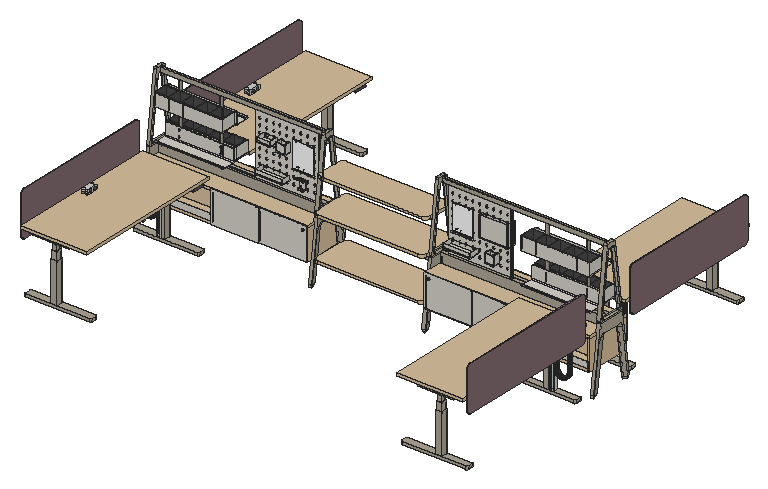
Revit family "Layout-Teknion-Expansion_Cityline_Upper_Structure_01-R2021", category Furniture Systems, Revit 2021 (continued)
Definition of nested family "Accessories-Teknion-JZTPS_Lift_And_Drop_Vertical_Poles-R2021"
  Types (6): name | Width | Model | Length 2 | Length 1 | Description | Datum Height | Beam Height | 3 Hole | 3 Accessories Height | 2 Hole | 2 Accessories Height
    Low Height, 56 Datum Height, Two-Accessories Height | 42.000" | "JZTPSL56__2" | 12.563" | 6.577" | "Lift And Drop Vertical Poles - Low Height (18\" Beam Height), 56 (35\") Datum Height, Two-Accessories Height" | 35.925" | 18.000" | 1.000" | no | 5.500" | yes
    Standard Height, 57 Datum Height, Two-Accessories Height | 24.000" | "JZTPSC57__2" | 10.563" | 3.825" | "Lift And Drop Vertical Poles - Standard Height (28\" Beam Height), 57 (26\") Datum Height, Two-Accessories Height" | 26.925" | 28.185" | 1.000" | no | 5.500" | yes
    Standard Height, 66 Datum Height, Two-Accessories Height | 42.000" | "JZTPSC66__2" | 12.563" | 6.577" | "Lift And Drop Vertical Poles - Standard Height (28\" Beam Height), 66 (35\") Datum Height, Two-Accessories Height" | 35.925" | 28.185" | 1.000" | no | 5.500" | yes
    Standard Height, 66 Datum Height, Three-Accessories Height | 42.000" | "JZTPSC66__3" | 12.563" | 6.577" | "Lift And Drop Vertical Poles - Standard Height (28\" Beam Height), 66 (35\") Datum Height, Three-Accessories Height" | 35.925" | 28.185" | 5.500" | yes | 1.000" | no
    Low Height, 56 Datum Height, Three-Accessories Height | 42.000" | "JZTPSL56__3" | 12.563" | 6.577" | "Lift And Drop Vertical Poles - Low Height (18\" Beam Height), 56 (35\") Datum Height, Three-Accessories Height" | 35.925" | 18.000" | 5.500" | yes | 1.000" | no
  Reference planes (in)
    plane 1 "Center Front/Back": y = 0
    plane 2: z = 0
    plane 3 "Center Left/Right": x = 21
    plane 4 "Left": x = 0
    plane 5 "Right": x = 42
    plane 6 "Back": y = 0.5
    plane 7 "Front": y = -0.5
    plane 8 "Top": z = 28.185
    plane 9: z = 64.11
  Forms (in)
    Sweep 1, solid, material <- "Pole Finish"
      path origin (0, 0, 0) x (1, 0, 0) y (0, 0, 1)
        loop
          line (21, 64.11) -> (21, 28.185)
      profile origin (21, 0, 46.1475) x (0, -1, 0) y (1, 0, 0)
        loop
          circle (0, -15) r 0.5
        loop
          circle (0, 15) r 0.5
    Sweep 2, void
      path origin (0, 0, 0) x (1, 0, 0) y (0, 1, 0)
        loop
          line (21, -2.75) -> (21, -1.75)
      profile origin (21, -2.25, 0) x (-1, 0, 0) y (0, 0, 1)
        loop
          arc (14.90748, 32.01177) -> (15, 31.91925) -> (15.09252, 32.01177) r 0.09252
          line (15.09252, 32.01177) -> (15.09252, 32.60232)
          arc (15.09252, 32.60232) -> (15, 32.69484) -> (14.90748, 32.60232) r 0.09252
          line (14.90748, 32.60232) -> (14.90748, 32.01177)
        loop
          arc (14.90748, 34.85823) -> (15, 34.76571) -> (15.09252, 34.85823) r 0.09252
          line (15.09252, 34.85823) -> (15.09252, 35.44878)
          arc (15.09252, 35.44878) -> (15, 35.5413) -> (14.90748, 35.44878) r 0.09252
          line (14.90748, 35.44878) -> (14.90748, 34.85823)
        loop
          arc (14.90748, 44.01177) -> (15, 43.91925) -> (15.09252, 44.01177) r 0.09252
          line (15.09252, 44.01177) -> (15.09252, 44.60232)
          arc (15.09252, 44.60232) -> (15, 44.69484) -> (14.90748, 44.60232) r 0.09252
          line (14.90748, 44.60232) -> (14.90748, 44.01177)
        loop
          arc (14.90748, 46.85823) -> (15, 46.76571) -> (15.09252, 46.85823) r 0.09252
          line (15.09252, 46.85823) -> (15.09252, 47.44878)
          arc (15.09252, 47.44878) -> (15, 47.5413) -> (14.90748, 47.44878) r 0.09252
          line (14.90748, 47.44878) -> (14.90748, 46.85823)
        loop
          arc (14.90748, 56.01177) -> (15, 55.91925) -> (15.09252, 56.01177) r 0.09252
          line (15.09252, 56.01177) -> (15.09252, 56.60232)
          arc (15.09252, 56.60232) -> (15, 56.69484) -> (14.90748, 56.60232) r 0.09252
          line (14.90748, 56.60232) -> (14.90748, 56.01177)
        loop
          arc (14.90748, 58.85823) -> (15, 58.76571) -> (15.09252, 58.85823) r 0.09252
          line (15.09252, 58.85823) -> (15.09252, 59.44878)
          arc (15.09252, 59.44878) -> (15, 59.5413) -> (14.90748, 59.44878) r 0.09252
          line (14.90748, 59.44878) -> (14.90748, 58.85823)
        loop
          line (-14.90748, 32.01177) -> (-14.90748, 32.60232)
          arc (-14.90748, 32.60232) -> (-15, 32.69484) -> (-15.09252, 32.60232) r 0.09252
          line (-15.09252, 32.60232) -> (-15.09252, 32.01177)
          arc (-15.09252, 32.01177) -> (-15, 31.91925) -> (-14.90748, 32.01177) r 0.09252
        loop
          line (-14.90748, 34.85823) -> (-14.90748, 35.44878)
          arc (-14.90748, 35.44878) -> (-15, 35.5413) -> (-15.09252, 35.44878) r 0.09252
          line (-15.09252, 35.44878) -> (-15.09252, 34.85823)
          arc (-15.09252, 34.85823) -> (-15, 34.76571) -> (-14.90748, 34.85823) r 0.09252
        loop
          line (-14.90748, 44.01177) -> (-14.90748, 44.60232)
          arc (-14.90748, 44.60232) -> (-15, 44.69484) -> (-15.09252, 44.60232) r 0.09252
          line (-15.09252, 44.60232) -> (-15.09252, 44.01177)
          arc (-15.09252, 44.01177) -> (-15, 43.91925) -> (-14.90748, 44.01177) r 0.09252
        loop
          line (-14.90748, 46.85823) -> (-14.90748, 47.44878)
          arc (-14.90748, 47.44878) -> (-15, 47.5413) -> (-15.09252, 47.44878) r 0.09252
          line (-15.09252, 47.44878) -> (-15.09252, 46.85823)
          arc (-15.09252, 46.85823) -> (-15, 46.76571) -> (-14.90748, 46.85823) r 0.09252
        loop
          line (-14.90748, 56.01177) -> (-14.90748, 56.60232)
          arc (-14.90748, 56.60232) -> (-15, 56.69484) -> (-15.09252, 56.60232) r 0.09252
          line (-15.09252, 56.60232) -> (-15.09252, 56.01177)
          arc (-15.09252, 56.01177) -> (-15, 55.91925) -> (-14.90748, 56.01177) r 0.09252
        loop
          line (-14.90748, 58.85823) -> (-14.90748, 59.44878)
          arc (-14.90748, 59.44878) -> (-15, 59.5413) -> (-15.09252, 59.44878) r 0.09252
          line (-15.09252, 59.44878) -> (-15.09252, 58.85823)
          arc (-15.09252, 58.85823) -> (-15, 58.76571) -> (-14.90748, 58.85823) r 0.09252
    Sweep 3, void
      path origin (0, 0, 0) x (1, 0, 0) y (0, 1, 0)
        loop
          line (21, 3.5) -> (21, -2)
      profile origin (21, 0.75, 0) x (1, 0, 0) y (0, 0, 1)
        loop
          arc (-14.9076, 35.35469) -> (-15.00011, 35.4472) -> (-15.09263, 35.35469) r 0.09251
          line (-15.09263, 35.35469) -> (-15.09263, 34.762)
          arc (-15.09263, 34.762) -> (-15.00011, 34.66949) -> (-14.9076, 34.762) r 0.09251
          line (-14.9076, 34.762) -> (-14.9076, 35.35469)
        loop
          arc (-14.9076, 38.20114) -> (-15.00011, 38.29366) -> (-15.09263, 38.20114) r 0.09251
          line (-15.09263, 38.20114) -> (-15.09263, 37.60846)
          arc (-15.09263, 37.60846) -> (-15.00011, 37.51594) -> (-14.9076, 37.60846) r 0.09251
          line (-14.9076, 37.60846) -> (-14.9076, 38.20114)
        loop
          arc (-14.9076, 51.35683) -> (-15.00011, 51.44934) -> (-15.09263, 51.35683) r 0.09251
          line (-15.09263, 51.35683) -> (-15.09263, 50.76414)
          arc (-15.09263, 50.76414) -> (-15.00011, 50.67163) -> (-14.9076, 50.76414) r 0.09251
          line (-14.9076, 50.76414) -> (-14.9076, 51.35683)
        loop
          arc (-14.9076, 54.20329) -> (-15.00011, 54.2958) -> (-15.09263, 54.20329) r 0.09251
          line (-15.09263, 54.20329) -> (-15.09263, 53.6106)
          arc (-15.09263, 53.6106) -> (-15.00011, 53.51809) -> (-14.9076, 53.6106) r 0.09251
          line (-14.9076, 53.6106) -> (-14.9076, 54.20329)
        loop
          line (14.9076, 35.35469) -> (14.9076, 34.762)
          arc (14.9076, 34.762) -> (15.00011, 34.66949) -> (15.09263, 34.762) r 0.09251
          line (15.09263, 34.762) -> (15.09263, 35.35469)
          arc (15.09263, 35.35469) -> (15.00011, 35.4472) -> (14.9076, 35.35469) r 0.09251
        loop
          line (14.9076, 38.20114) -> (14.9076, 37.60846)
          arc (14.9076, 37.60846) -> (15.00011, 37.51594) -> (15.09263, 37.60846) r 0.09251
          line (15.09263, 37.60846) -> (15.09263, 38.20114)
          arc (15.09263, 38.20114) -> (15.00011, 38.29366) -> (14.9076, 38.20114) r 0.09251
        loop
          line (14.9076, 51.35683) -> (14.9076, 50.76414)
          arc (14.9076, 50.76414) -> (15.00011, 50.67163) -> (15.09263, 50.76414) r 0.09251
          line (15.09263, 50.76414) -> (15.09263, 51.35683)
          arc (15.09263, 51.35683) -> (15.00011, 51.44934) -> (14.9076, 51.35683) r 0.09251
        loop
          line (14.9076, 54.20329) -> (14.9076, 53.6106)
          arc (14.9076, 53.6106) -> (15.00011, 53.51809) -> (15.09263, 53.6106) r 0.09251
          line (15.09263, 53.6106) -> (15.09263, 54.20329)
          arc (15.09263, 54.20329) -> (15.00011, 54.2958) -> (14.9076, 54.20329) r 0.09251
  Cuts and joins
    Sweep 2, Sweep 3 cuts Sweep 1
  Lines and regions (in)
    Masking region 1
      outline origin (0, 0, 0) x (1, 0, 0) y (0, 1, 0)
        loop
          circle (6, 0) r 0.5
        loop
          circle (36, 0) r 0.5
    reference lines
      curve 1: line (0, 0.5, 0) -> (0, -0.5, 0)
      curve 2: line (0, -0.5, 0) -> (42, -0.5, 0)
      curve 3: line (42, -0.5, 0) -> (42, 0.5, 0)
      curve 4: line (42, 0.5, 0) -> (0, 0.5, 0)
    symbolic lines, detail levels fine
      curve 5: line (36.09265, 0.49134, 0) -> (36.09261, -0.49134, 0)
      curve 6: line (35.90758, 0.49139, 0) -> (35.90756, -0.49139, 0)
      curve 7: line (6.09236, 0.49139, 0) -> (6.09238, -0.49139, 0)
      curve 8: line (5.90735, 0.49134, 0) -> (5.90733, -0.49135, 0)
  Dimensions and locks (in)
    "Width": plane 4 "Left" to plane 5 "Right"
    locked: plane 6 "Back" to plane 7 "Front" at 1
    "Beam Height": plane 8 "Top" to level
    equal spacing: plane 4 "Left", plane 3 "Center Left/Right", plane 5 "Right"
    equal spacing: plane 6 "Back", plane 1 "Center Front/Back", plane 7 "Front"
    "Datum Height": plane 9 to plane 8 "Top"
    locked: plane 4 "Left" to Sweep 1 sketch curve at 6
    locked: Sweep 1 sketch curve to plane 5 "Right" at 6
    locked: Sweep 2 sketch curve to plane 1 "Center Front/Back" at 2.75
    "3 Hole": Sweep 2 sketch curve to Sweep 2 sketch curve
    Sweep 2 sketch curve to Sweep 2 sketch curve to Sweep 2 sketch curve to Sweep 2 sketch curve to Sweep 2 sketch curve to Sweep 2 sketch curve to Sweep 2 sketch curve to Sweep 2 sketch curve to Sweep 2 sketch curve to Sweep 2 sketch curve to Sweep 2 sketch curve to Sweep 2 sketch curve to plane 8 "Top" = 0.59055" locked, 2.25591" locked, 0.59055" locked, 8.56299" locked, 0.59055" locked, 2.25591" locked, 0.59055" locked, 8.56299" locked, 0.59055" locked, 2.25591" locked, 0.59055" locked, 3.82677" locked  (x2)
    Sweep 2 sketch curve to Sweep 2 sketch curve to plane 4 "Left" = 0.18504" locked, 5.90748" locked
    Sweep 2 sketch curve to Sweep 2 sketch curve to plane 5 "Right" = 0.18504" locked, 5.90748" locked
    locked: Sweep 3 sketch curve to plane 1 "Center Front/Back" at 2
    "2 Hole": Sweep 3 sketch curve to Sweep 3 sketch curve
    Sweep 3 sketch curve to Sweep 3 sketch curve to plane 4 "Left" = 0.18503" locked, 5.90737" locked
    Sweep 3 sketch curve to Sweep 3 sketch curve to plane 5 "Right" = 0.18503" locked, 5.90737" locked
    "Length 1": Sweep 3 sketch curve to plane 8 "Top"  (x2)
    Sweep 3 sketch curve to Sweep 3 sketch curve to Sweep 3 sketch curve to Sweep 3 sketch curve = 0.59269" locked, 2.25377" locked, 0.59269" locked  (x4)
    "Length 2": Sweep 3 sketch curve to Sweep 3 sketch curve  (x2)
    "Circle Radial": radius of Sweep 1 sketch curve  (x2)
    aligned and locked: level to plane 2
    aligned and locked: curve 1 to plane 4 "Left"
    aligned and locked: plane 6 "Back" to curve 4
    aligned and locked: plane 7 "Front" to curve 2
    aligned and locked: curve 3 to plane 5 "Right"
    aligned and locked: Sweep 1 sketch curve to plane 3 "Center Left/Right"
    aligned and locked: plane 8 "Top" to Sweep 1 sketch curve
    aligned and locked: plane 9 to Sweep 1 sketch curve
    aligned and locked: plane 1 "Center Front/Back" to Sweep 1 sketch curve  (x2)
    aligned and locked: Sweep 2 sketch curve to plane 3 "Center Left/Right"
    aligned and locked: Sweep 2 sketch curve to Sweep 2 sketch curve  (x20)
    aligned and locked: Sweep 3 sketch curve to plane 3 "Center Left/Right"
    aligned and locked: Sweep 3 sketch curve to Sweep 3 sketch curve  (x12)
    aligned and locked: nested 1 to plane 4 "Left"
    aligned and locked: nested 1 to plane 1 "Center Front/Back"
    aligned and locked: plane 1 "Center Front/Back" to nested 2
    aligned and locked: nested 2 to plane 3 "Center Left/Right"
    aligned and locked: plane 1 "Center Front/Back" to nested 3
    aligned and locked: nested 3 to plane 5 "Right"
    aligned and locked: Masking region 1 sketch curve to cut or joined group of Sweep 1, Sweep 2, Sweep 3  (x4)
  Automatic sketch dimensions
    curve 1 to plane 7 "Front" = 0.000"
    Masking region 1 sketch curve to Masking region 1 sketch curve = 0.000"  (x4)
    curve 6 to plane 7 "Front" = 0.00861"
    curve 7 to plane 7 "Front" = 0.00861"
    curve 7 to plane 6 "Back" = 0.00861"
    curve 7 to curve 7 = 0.00002"
    curve 8 to plane 6 "Back" = 0.00866"
    curve 8 to curve 7 = 0.18501"
    curve 8 to plane 7 "Front" = 0.00865"
    curve 6 to plane 6 "Back" = 0.00861"
    curve 6 to curve 6 = 0.00002"
    curve 5 to plane 7 "Front" = 0.00866"
    curve 5 to plane 6 "Back" = 0.00866"
    curve 6 to curve 5 = 0.18507"
    plane 4 "Left" to curve 8 = 5.90733"
    curve 8 to curve 8 = 0.00002"
    plane 5 "Right" to curve 6 = 6.09244"
    curve 6 to curve 5 = 0.18505"
  Nested families (in)
    nested 1: "Teknion_2D_Node_Family-R2016" at (0, 0, 0), type "Teknion_2D_Node_Family-R2016"
    nested 2: "Teknion_2D_Node_Family-R2016" at (21, 0, 0), type "Teknion_2D_Node_Family-R2016"
    nested 3: "Teknion_2D_Node_Family-R2016" at (42, 0, 0), type "Teknion_2D_Node_Family-R2016"
  Definition of nested family "Teknion_2D_Node_Family-R2016"
    Reference planes (in)
      plane 1 "Center (Front/Back)": y = 0
      plane 2: z = 0
      plane 3 "Center (Left/Right)": x = 0
    Lines and regions (in)
      detail lines, in view "Ref. Level"
        curve 1: circle (0, 0, 0) r 1.25 normal (0, 0, 1)
        curve 2: line (1.91508, -1.91508, 0) -> (-1.91508, 1.91508, 0)
        curve 3: line (-1.91508, -1.91508, 0) -> (1.91508, 1.91508, 0)
Definition of nested family "Accessories-Teknion-JZTPA_P_Accessories_Lift_And_Drop_Vertical_Pole_Mounted_Planter-R2021"
  Parameters (values of type "42" Width")
    Width = 42.000"
    Warranty = "http://www.teknion.com/ca/papers/legal-canada"
    Unit Weight URL = "http://www.teknion.com/ca/tools/assets#&asset=bee6a381-b954-425e-8283-5a2de3a804f2,f828d448-4b62-4231-9e5f-9a8991c0ed77"
    URL = "www.teknion.com"
    To render please download texture images found here [instance] = "https://assets.teknion.com/web/5e81352c1dfdb467/revit-material-swatches/"
    Sustainability Data = "https://www.teknion.com/ca/tools/assets#&topic=216f99a5-57a0-44fc-b10a-9dee9b29ae4c&asset=444deb64-fe58-4b68-981e-f75e97781df7,b4ff2d81-9f2e-437d-9659-7cffb09c31cf"
    Series = "Expansion Cityline"  # constant formula
    Product Page URL = "https://www.teknion.com/ca/products/product-details?productLineId=9ad2a26e-8e7a-673b-a6c8-ff05004460c4"
    Product Line = "EZ Lift & Drop Tiles And Shelves"  # constant formula
    Product Documentation Link = "https://www.teknion.com/pricing/expansion-cityline/pdfs/JZTPA_ppg.pdf"
    Part Number = "JZTPA"  # constant formula
    Model = "JZTPA42P"
    Manufacturer Phone = "416-661-3370"  # constant formula
    Manufacturer Fax = "416.661.4586"  # constant formula
    Manufacturer Contact Information = "http://www.teknion.com/ca/contactus"
    Manufacturer Address = "1150 Flint Road, Toronto, ON. M3J 2J5. Canada"  # constant formula
    Manufacturer = "Teknion"  # constant formula
    How To Use Teknion Materials User Guide [instance] = "https://assets.teknion.com/m/205dd0a49fa58060/original/How-to-add-a-Material-Library-and-Texture-Images-to-your-Revit-project.pdf"
    For Additional Finishes please visit [instance] = "https://assets.teknion.com/m/44a8009b046e5d47/original/Teknion_Materials_Library.zip"
    Description = "Accessories - Lift And Drop Vertical Pole Mounted - 42\" Width, Planter Box"
    Default Elevation = 0.000"
    Cut-Out 7 Planter = if([7 Planter], 10.000", 0.300")  # 10.000"
    Cut-Out 6 Planter = if([6 Planter], 9.500", 0.300")  # 0.300"
    Cut-Out 5 Planter = if([5 Planter], 9.000", 0.300")  # 0.300"
    Cut-Out 4 Planter = if([4 Planter], 8.500", 0.300")  # 0.300"
    Case Finish [instance] = none
    Assembly Code = "E2020200"
    7 Planter = yes
    6 Planter = no
    5 Planter = no
    4 Planter = no
    2D - 3 Middle Planter = yes
    2D - 2 Middle Planter = no
  Types (5): name | Width | Model | Description | Cut-Out 7 Planter | Cut-Out 6 Planter | Cut-Out 5 Planter | Cut-Out 4 Planter | 7 Planter | 6 Planter | 5 Planter | 4 Planter | 2D - 3 Middle Planter | 2D - 2 Middle Planter
    (no name) | 42.000" | "JZTPA42P" | "Accessories - Lift And Drop Vertical Pole Mounted - 42\" Width, Planter Box" | 10.000" | 0.300" | 0.300" | 0.300" | yes | no | no | no | yes | no
    42" Width | 42.000" | "JZTPA42P" | "Accessories - Lift And Drop Vertical Pole Mounted - 42\" Width, Planter Box" | 10.000" | 0.300" | 0.300" | 0.300" | yes | no | no | no | yes | no
    36" Width | 36.000" | "JZTPA36P" | "Accessories - Lift And Drop Vertical Pole Mounted - 36\" Width, Planter Box" | 0.300" | 9.500" | 0.300" | 0.300" | no | yes | no | no | no | yes
    30" Width | 30.000" | "JZTPA30P" | "Accessories - Lift And Drop Vertical Pole Mounted - 30\" Width, Planter Box" | 0.300" | 0.300" | 9.000" | 0.300" | no | no | yes | no | yes | no
    24" Width | 24.000" | "JZTPA24P" | "Accessories - Lift And Drop Vertical Pole Mounted - 24\" Width, Planter Box" | 0.300" | 0.300" | 0.300" | 8.500" | no | no | no | yes | no | yes
  Reference planes (in)
    plane 1 "Center Front/Back": y = -3.42717
    plane 2: z = 0
    plane 3 "Center Left/Right": x = 0
    plane 4 "Left": x = -21
    plane 5 "Right": x = 21
    plane 6 "Back": y = -0.1063
    plane 7 "Front": y = -6.74803
    plane 8 "Top": z = 36.63189
    plane 9: z = 30.93504
  Forms (in)
    Sweep 1, solid, material <- "Case Finish"
      path origin (0, 0, 0) x (1, 0, 0) y (0, 1, 0)
        loop
          line (0, -0.68898) -> (0, -0.5)
      profile origin (0, -0.59449, 0) x (-1, 0, 0) y (0, 0, 1)
        loop
          line (-15.02953, 34.77059) -> (-15.02953, 32.69004) -> (-14.97047, 32.69004) -> (-14.97047, 34.77059) -> (-15.02953, 34.77059)
        loop
          line (14.97047, 34.77059) -> (14.97047, 32.69004) -> (15.02953, 32.69004) -> (15.02953, 34.77059) -> (14.97047, 34.77059)
    Sweep 2, solid, material <- "Case Finish"
      path origin (0, 0, 0) x (1, 0, 0) y (0, 1, 0)
        loop
          line (0, -0.1063) -> (0, -0.68898)
      profile origin (0, -0.39764, 0) x (1, 0, 0) y (0, 0, 1)
        loop
          arc (-14.90748, 35.44882) -> (-15, 35.54134) -> (-15.09252, 35.44882) r 0.09252
          line (-15.09252, 35.44882) -> (-15.09252, 34.85827)
          arc (-15.09252, 34.85827) -> (-15, 34.76575) -> (-14.90748, 34.85827) r 0.09252
          line (-14.90748, 34.85827) -> (-14.90748, 35.44882)
        loop
          arc (15.09252, 35.44882) -> (15, 35.54134) -> (14.90748, 35.44882) r 0.09252
          line (14.90748, 35.44882) -> (14.90748, 34.85827)
          arc (14.90748, 34.85827) -> (15, 34.76575) -> (15.09252, 34.85827) r 0.09252
          line (15.09252, 34.85827) -> (15.09252, 35.44882)
        loop
          arc (15.09252, 32.60236) -> (15, 32.69488) -> (14.90748, 32.60236) r 0.09252
          line (14.90748, 32.60236) -> (14.90748, 32.01181)
          arc (14.90748, 32.01181) -> (15, 31.91929) -> (15.09252, 32.01181) r 0.09252
          line (15.09252, 32.01181) -> (15.09252, 32.60236)
        loop
          arc (-14.90748, 32.60236) -> (-15, 32.69488) -> (-15.09252, 32.60236) r 0.09252
          line (-15.09252, 32.60236) -> (-15.09252, 32.01181)
          arc (-15.09252, 32.01181) -> (-15, 31.91929) -> (-14.90748, 32.01181) r 0.09252
          line (-14.90748, 32.01181) -> (-14.90748, 32.60236)
    Sweep 3, solid, material <- "Case Finish"
      path origin (0, 0, 0) x (1, 0, 0) y (0, 1, 0)
        loop
          line (0, -0.68898) -> (0, -6.74112)
      profile origin (0, -3.71505, 0) x (1, 0, 0) y (0, 0, 1)
        loop
          line (21, 31.37598) -> (21, 36.57283) -> (-21, 36.57283) -> (-21, 31.37598)
          arc (-21, 31.37598) -> (-20.87085, 31.06419) -> (-20.55906, 30.93504) r 0.44094
          line (-20.55906, 30.93504) -> (20.55906, 30.93504)
          arc (20.55906, 30.93504) -> (20.87085, 31.06419) -> (21, 31.37598) r 0.44094
    Sweep 4, void
      path origin (0, 0, 0) x (1, 0, 0) y (0, 1, 0)
        loop
          line (0, -0.73622) -> (0, -6.64173)
      profile origin (0, -3.68898, 0) x (1, 0, 0) y (0, 0, 1)
        loop
          arc (-20.95276, 31.37598) -> (-20.83744, 31.0976) -> (-20.55906, 30.98228) r 0.3937
          line (-20.55906, 30.98228) -> (20.55906, 30.98228)
          arc (20.55906, 30.98228) -> (20.83744, 31.0976) -> (20.95276, 31.37598) r 0.3937
          line (20.95276, 31.37598) -> (20.95276, 36.63189) -> (-20.95276, 36.63189) -> (-20.95276, 31.37598)
    Sweep 5, void
      path origin (0, 0, 0) x (1, 0, 0) y (0, 1, 0)
        loop
          line (21, -3.42717) -> (-21, -3.42717)
      profile origin (0, -3.42717, 0) x (0, -1, 0) y (0, 0, 1)
        loop
          line (3.21457, 36.50392) -> (3.21457, 36.37598) -> (3.33649, 36.37598) -> (3.33649, 36.63189) -> (3.06496, 36.63189) -> (3.06496, 36.57283)
          arc (3.06496, 36.57283) -> (3.14732, 36.55478) -> (3.21457, 36.50392) r 0.19685
    Sweep 6, solid
      path origin (0, 0, 0) x (1, 0, 0) y (0, 1, 0)
        loop
          line (0, -6.64173) -> (0, -0.73622)
      profile origin (0, -3.68898, 0) x (-1, 0, 0) y (0, 0, 1)
        loop
          line (-20.95276, 36.57283) -> (-20.95276, 31.37598)
          arc (-20.95276, 31.37598) -> (-20.83744, 31.0976) -> (-20.55906, 30.98228) r 0.3937
          line (-20.55906, 30.98228) -> (20.55906, 30.98228)
          arc (20.55906, 30.98228) -> (20.83744, 31.0976) -> (20.95276, 31.37598) r 0.3937
          line (20.95276, 31.37598) -> (20.95276, 36.57283) -> (-20.95276, 36.57283)
    Sweep 7, void
      path origin (0, 0, 0) x (1, 0, 0) y (0, 1, 0)
        loop
          line (21, -3.42717) -> (-21, -3.42717)
      profile origin (0, -3.42717, 0) x (0, -1, 0) y (0, 0, 1)
        loop
          line (3.26181, 36.37598) -> (3.32087, 36.37598) -> (3.32087, 36.63189) -> (3.06496, 36.63189) -> (3.06496, 36.57283)
          arc (3.06496, 36.57283) -> (3.20415, 36.51518) -> (3.26181, 36.37598) r 0.19685
    Sweep 8, solid
      path origin (0, 0, 0) x (1, 0, 0) y (0, 1, 0)
        loop
          line (21, -3.42717) -> (-21, -3.42717)
      profile origin (0, -3.42717, 0) x (0, -1, 0) y (0, 0, 1)
        loop
          line (3.26181, 36.37598) -> (3.32087, 36.37598)
          arc (3.32087, 36.37598) -> (3.24591, 36.55694) -> (3.06496, 36.63189) r 0.25591
          line (3.06496, 36.63189) -> (-2.73819, 36.63189) -> (-2.73819, 36.57283) -> (3.06496, 36.57283)
          arc (3.06496, 36.57283) -> (3.20415, 36.51518) -> (3.26181, 36.37598) r 0.19685
    Sweep 9, void
      path origin (0, 0, 0) x (1, 0, 0) y (0, 1, 0)
        loop
          line (0, -0.88583) -> (0, -6.74803)
      profile origin (0, -3.81693, 0) x (1, 0, 0) y (0, 0, 1)
        loop
          line (15.19685, 36.43504) -> (20.80315, 36.43504) -> (20.80315, 36.63189) -> (15.19685, 36.63189) -> (15.19685, 36.43504)
        loop
          line (-20.80315, 36.43504) -> (-15.19685, 36.43504) -> (-15.19685, 36.63189) -> (-20.80315, 36.63189) -> (-20.80315, 36.43504)
    Sweep 10, solid
      path origin (0, 0, 0) x (1, 0, 0) y (0, 1, 0)
        loop
          line (20.95276, -3.42717) -> (-20.95276, -3.42717)
      profile origin (0, -3.42717, 0) x (0, -1, 0) y (0, 0, 1)
        loop
          line (3.21457, 36.37598) -> (3.26181, 36.37598)
          arc (3.26181, 36.37598) -> (3.24962, 36.44418) -> (3.21457, 36.50392) r 0.19685
          line (3.21457, 36.50392) -> (3.21457, 36.37598)
    Sweep 11, void
      path origin (0, 0, 0) x (1, 0, 0) y (0, 1, 0)
        loop
          line (0, -0.88583) -> (0, -6.44488)
      profile origin (0, -3.66535, 0) x (1, 0, 0) y (0, 0, 1)
        loop
          line (20.80315, 31.37598) -> (20.80315, 36.63189) -> (15.19685, 36.63189) -> (15.19685, 31.13189) -> (20.55906, 31.13189)
          arc (20.55906, 31.13189) -> (20.73166, 31.20338) -> (20.80315, 31.37598) r 0.24409
        loop
          arc (-20.80315, 31.37598) -> (-20.73166, 31.20338) -> (-20.55906, 31.13189) r 0.24409
          line (-20.55906, 31.13189) -> (-15.19685, 31.13189) -> (-15.19685, 36.63189) -> (-20.80315, 36.63189) -> (-20.80315, 31.37598)
    Sweep 12, void
      path origin (0, -3.42717, 0) x (1, 0, 0) y (0, 0, 1)
        loop
          line (0, 41.13189) -> (0, 31.13189)
      profile origin (0, -3.42717, 36.13189) x (0, -1, 0) y (1, 0, 0)
        loop
          line (-2.54134, -14.80315) -> (3.01772, -14.80315) -> (3.01772, -9.19685) -> (-2.54134, -9.19685) -> (-2.54134, -14.80315)
        loop
          line (-2.54134, -8.80315) -> (3.01772, -8.80315) -> (3.01772, -3.19685) -> (-2.54134, -3.19685) -> (-2.54134, -8.80315)
        loop
          line (-2.54134, -2.80315) -> (3.01772, -2.80315) -> (3.01772, 2.80315) -> (-2.54134, 2.80315) -> (-2.54134, -2.80315)
        loop
          line (-2.54134, 3.19685) -> (3.01772, 3.19685) -> (3.01772, 8.80315) -> (-2.54134, 8.80315) -> (-2.54134, 3.19685)
        loop
          line (-2.54134, 9.19685) -> (3.01772, 9.19685) -> (3.01772, 14.80315) -> (-2.54134, 14.80315) -> (-2.54134, 9.19685)
    Sweep 13, void
      path origin (0, 0, 0) x (1, 0, 0) y (0, 1, 0)
        loop
          line (0, -11.24803) -> (0, -1.24803)
      profile origin (0, -6.24803, 0) x (-1, 0, 0) y (0, 0, 1)
        loop
          line (-14.80315, 36.43504) -> (-9.19685, 36.43504) -> (-9.19685, 36.63189) -> (-14.80315, 36.63189) -> (-14.80315, 36.43504)
        loop
          line (14.80315, 36.43504) -> (14.80315, 36.63189) -> (9.19685, 36.63189) -> (9.19685, 36.43504) -> (14.80315, 36.43504)
        loop
          line (8.80315, 36.43504) -> (8.80315, 36.63189) -> (3.19685, 36.63189) -> (3.19685, 36.43504) -> (8.80315, 36.43504)
        loop
          line (2.80315, 36.43504) -> (2.80315, 36.63189) -> (-2.80315, 36.63189) -> (-2.80315, 36.43504) -> (2.80315, 36.43504)
        loop
          line (-3.19685, 36.43504) -> (-3.19685, 36.63189) -> (-8.80315, 36.63189) -> (-8.80315, 36.43504) -> (-3.19685, 36.43504)
    Sweep 14, void
      path origin (0, -3.42717, 0) x (1, 0, 0) y (0, 0, 1)
        loop
          line (0, 40.63189) -> (0, 40.33189)
      profile origin (0, -3.42717, 40.48189) x (0, -1, 0) y (1, 0, 0)
        loop
          line (-2.54134, -11.80315) -> (3.01772, -11.80315) -> (3.01772, -6.19685) -> (-2.54134, -6.19685) -> (-2.54134, -11.80315)
        loop
          line (-2.54134, -5.80315) -> (3.01772, -5.80315) -> (3.01772, -0.19685) -> (-2.54134, -0.19685) -> (-2.54134, -5.80315)
        loop
          line (-2.54134, 0.19685) -> (3.01772, 0.19685) -> (3.01772, 5.80315) -> (-2.54134, 5.80315) -> (-2.54134, 0.19685)
        loop
          line (-2.54134, 6.19685) -> (3.01772, 6.19685) -> (3.01772, 11.80315) -> (-2.54134, 11.80315) -> (-2.54134, 6.19685)
    Sweep 15, void
      path origin (0, 0, 0) x (1, 0, 0) y (0, 1, 0)
        loop
          line (0, -10.44803) -> (0, -10.74803)
      profile origin (0, -10.59803, 0) x (1, 0, 0) y (0, 0, 1)
        loop
          line (-11.80315, 36.63189) -> (-11.80315, 36.43504) -> (-6.19685, 36.43504) -> (-6.19685, 36.63189) -> (-11.80315, 36.63189)
        loop
          line (-5.80315, 36.63189) -> (-5.80315, 36.43504) -> (-0.19685, 36.43504) -> (-0.19685, 36.63189) -> (-5.80315, 36.63189)
        loop
          line (0.19685, 36.63189) -> (0.19685, 36.43504) -> (5.80315, 36.43504) -> (5.80315, 36.63189) -> (0.19685, 36.63189)
        loop
          line (6.19685, 36.63189) -> (6.19685, 36.43504) -> (11.80315, 36.43504) -> (11.80315, 36.63189) -> (6.19685, 36.63189)
    Sweep 16, void
      path origin (0, -3.42717, 0) x (1, 0, 0) y (0, 0, 1)
        loop
          line (0, 40.13189) -> (0, 39.83189)
      profile origin (0, -3.42717, 39.98189) x (0, -1, 0) y (1, 0, 0)
        loop
          line (3.01772, -8.80315) -> (3.01772, -3.19685) -> (-2.54134, -3.19685) -> (-2.54134, -8.80315) -> (3.01772, -8.80315)
        loop
          line (3.01772, -2.80315) -> (3.01772, 2.80315) -> (-2.54134, 2.80315) -> (-2.54134, -2.80315) -> (3.01772, -2.80315)
        loop
          line (3.01772, 3.19685) -> (3.01772, 8.80315) -> (-2.54134, 8.80315) -> (-2.54134, 3.19685) -> (3.01772, 3.19685)
    Sweep 17, void
      path origin (0, 0, 0) x (1, 0, 0) y (0, 1, 0)
        loop
          line (0, -10.24803) -> (0, -9.94803)
      profile origin (0, -10.09803, 0) x (-1, 0, 0) y (0, 0, 1)
        loop
          line (8.80315, 36.43504) -> (8.80315, 36.63189) -> (3.19685, 36.63189) -> (3.19685, 36.43504) -> (8.80315, 36.43504)
        loop
          line (2.80315, 36.43504) -> (2.80315, 36.63189) -> (-2.80315, 36.63189) -> (-2.80315, 36.43504) -> (2.80315, 36.43504)
        loop
          line (-3.19685, 36.43504) -> (-3.19685, 36.63189) -> (-8.80315, 36.63189) -> (-8.80315, 36.43504) -> (-3.19685, 36.43504)
    Sweep 18, void
      path origin (0, -3.42717, 0) x (1, 0, 0) y (0, 0, 1)
        loop
          line (0, 39.63189) -> (0, 39.33189)
      profile origin (0, -3.42717, 39.48189) x (0, -1, 0) y (1, 0, 0)
        loop
          line (3.01772, -5.80315) -> (3.01772, -0.19685) -> (-2.54134, -0.19685) -> (-2.54134, -5.80315) -> (3.01772, -5.80315)
        loop
          line (3.01772, 0.19685) -> (3.01772, 5.80315) -> (-2.54134, 5.80315) -> (-2.54134, 0.19685) -> (3.01772, 0.19685)
    Sweep 19, void
      path origin (0, 0, 0) x (1, 0, 0) y (0, 1, 0)
        loop
          line (0, -9.74803) -> (0, -9.44803)
      profile origin (0, -9.59803, 0) x (-1, 0, 0) y (0, 0, 1)
        loop
          line (-0.19685, 36.43504) -> (-0.19685, 36.63189) -> (-5.80315, 36.63189) -> (-5.80315, 36.43504) -> (-0.19685, 36.43504)
        loop
          line (5.80315, 36.43504) -> (5.80315, 36.63189) -> (0.19685, 36.63189) -> (0.19685, 36.43504) -> (5.80315, 36.43504)
  Cuts and joins
    Sweep 4, Sweep 5 cuts Sweep 3
    joined: Sweep 1, Sweep 2, Sweep 3
    Sweep 7, Sweep 9, Sweep 11, Sweep 12, Sweep 13, Sweep 14, Sweep 15, Sweep 16, Sweep 17, Sweep 18, Sweep 19 cuts Sweep 6
    Sweep 9, Sweep 11, Sweep 12, Sweep 13, Sweep 14, Sweep 15, Sweep 16, Sweep 17, Sweep 18, Sweep 19 cuts Sweep 8
    Sweep 9, Sweep 11, Sweep 12, Sweep 13, Sweep 14, Sweep 15, Sweep 16, Sweep 17, Sweep 18, Sweep 19 cuts Sweep 10
    joined: Sweep 6, Sweep 8, Sweep 10
  Lines and regions (in)
    Masking region 1
      outline origin (0, 0, 0) x (1, 0, 0) y (0, 1, 0)
        loop
          line (21, -0.68898) -> (15.09252, -0.68898) -> (15.09252, -0.1063) -> (14.90748, -0.1063) -> (14.90748, -0.68898) -> (-14.90748, -0.68898) -> (-14.90748, -0.1063) -> (-15.09252, -0.1063) -> (-15.09252, -0.68898) -> (-21, -0.68898) -> (-21, -6.74803) -> (21, -6.74803) -> (21, -0.68898)
    symbolic lines
      curve 1: line (21, -0.68898, 0) -> (-21, -0.68898, 0)
      curve 2: line (-20.80315, -0.88583, 0) -> (-20.80315, -6.74112, 0)
      curve 3: line (-15.19685, -0.88583, 0) -> (-20.80315, -0.88583, 0)
      curve 4: line (-15.19685, -6.74112, 0) -> (-15.19685, -0.88583, 0)
      curve 5: line (-15.19685, -6.44488, 0) -> (-20.80315, -6.44488, 0)
      curve 6: line (20.80315, -6.74112, 0) -> (20.80315, -0.88583, 0)
      curve 7: line (15.19685, -0.88583, 0) -> (15.19685, -6.74112, 0)
      curve 8: line (20.80315, -6.44488, 0) -> (15.19685, -6.44488, 0)
      curve 9: line (20.80315, -0.88583, 0) -> (15.19685, -0.88583, 0)
      curve 52: line (15.19685, -6.74112, 0) -> (20.80315, -6.74112, 0)
      curve 53: line (-20.80315, -6.74112, 0) -> (-15.19685, -6.74112, 0)
      curve 56: line (-3.19685, -6.74112, 0) -> (-8.80315, -6.74112, 0)
    symbolic lines, visible <- "7 Planter"
      curve 10: line (-14.80315, -0.88583, 0) -> (-14.80315, -6.74112, 0)
      curve 11: line (-9.19685, -6.74112, 0) -> (-9.19685, -0.88583, 0)
      curve 12: line (-14.80315, -6.44488, 0) -> (-9.19685, -6.44488, 0)
      curve 13: line (-9.19685, -0.88583, 0) -> (-14.80315, -0.88583, 0)
      curve 23: line (14.80315, -0.88583, 0) -> (9.19685, -0.88583, 0)
      curve 24: line (14.80315, -6.74112, 0) -> (14.80315, -0.88583, 0)
      curve 25: line (9.19685, -6.44488, 0) -> (14.80315, -6.44488, 0)
      curve 26: line (9.19685, -0.88583, 0) -> (9.19685, -6.74112, 0)
      curve 54: line (-9.19685, -6.74112, 0) -> (-14.80315, -6.74112, 0)
      curve 55: line (14.80315, -6.74112, 0) -> (9.19685, -6.74112, 0)
    symbolic lines, visible <- "2D - 3 Middle Planter"
      curve 14: line (-8.80315, -0.88583, 0) -> (-8.80315, -6.74112, 0)
      curve 15: line (-3.19685, -6.74112, 0) -> (-3.19685, -0.88583, 0)
      curve 16: line (-3.19685, -0.88583, 0) -> (-8.80315, -0.88583, 0)
      curve 17: line (-8.80315, -6.44488, 0) -> (-3.19685, -6.44488, 0)
      curve 18: line (-2.80315, -6.44488, 0) -> (2.80315, -6.44488, 0)
      curve 19: line (-2.80315, -0.88583, 0) -> (-2.80315, -6.74112, 0)
      curve 20: line (2.80315, -0.88583, 0) -> (-2.80315, -0.88583, 0)
      curve 21: line (2.80315, -6.74112, 0) -> (2.80315, -0.88583, 0)
      curve 22: line (8.80315, -0.88583, 0) -> (3.19685, -0.88583, 0)
      curve 27: line (8.80315, -6.74112, 0) -> (8.80315, -0.88583, 0)
      curve 28: line (3.19685, -6.44488, 0) -> (8.80315, -6.44488, 0)
      curve 29: line (3.19685, -0.88583, 0) -> (3.19685, -6.74112, 0)
      curve 57: line (2.80315, -6.74112, 0) -> (-2.80315, -6.74112, 0)
      curve 58: line (8.80315, -6.74112, 0) -> (3.19685, -6.74112, 0)
    symbolic lines, visible <- "2D - 2 Middle Planter"
      curve 30: line (-0.19685, -0.88583, 0) -> (-5.80315, -0.88583, 0)
      curve 31: line (-0.19685, -6.74112, 0) -> (-0.19685, -0.88583, 0)
      curve 32: line (-5.80315, -0.88583, 0) -> (-5.80315, -6.74112, 0)
      curve 33: line (-5.80315, -6.44488, 0) -> (-0.19685, -6.44488, 0)
      curve 34: line (5.80315, -0.88583, 0) -> (0.19685, -0.88583, 0)
      curve 35: line (5.80315, -6.74112, 0) -> (5.80315, -0.88583, 0)
      curve 36: line (0.19685, -0.88583, 0) -> (0.19685, -6.74112, 0)
      curve 37: line (0.19685, -6.44488, 0) -> (5.80315, -6.44488, 0)
      curve 59: line (-0.19685, -6.74112, 0) -> (-5.80315, -6.74112, 0)
      curve 61: line (5.80315, -6.74112, 0) -> (0.19685, -6.74112, 0)
    symbolic lines, visible <- "6 Planter"
      curve 38: line (-6.19685, -0.88583, 0) -> (-11.80315, -0.88583, 0)
      curve 39: line (-11.80315, -6.44488, 0) -> (-6.19685, -6.44488, 0)
      curve 40: line (-6.19685, -6.74112, 0) -> (-6.19685, -0.88583, 0)
      curve 41: line (-11.80315, -0.88583, 0) -> (-11.80315, -6.74112, 0)
      curve 42: line (11.80315, -0.88583, 0) -> (6.19685, -0.88583, 0)
      curve 43: line (11.80315, -6.74112, 0) -> (11.80315, -0.88583, 0)
      curve 44: line (6.19685, -6.44488, 0) -> (11.80315, -6.44488, 0)
      curve 45: line (6.19685, -0.88583, 0) -> (6.19685, -6.74112, 0)
      curve 60: line (-6.19685, -6.74112, 0) -> (-11.80315, -6.74112, 0)
      curve 62: line (11.80315, -6.74112, 0) -> (6.19685, -6.74112, 0)
    symbolic lines, detail levels medium+fine
      curve 46: line (20.95276, -0.73622, 0) -> (-20.95276, -0.73622, 0)
      curve 47: line (-20.95276, -0.73622, 0) -> (-20.95276, -6.68898, 0)
      curve 48: line (21, -6.64173, 0) -> (-21, -6.64173, 0)
      curve 49: line (-21, -6.68898, 0) -> (-20.95276, -6.68898, 0)
      curve 50: line (20.95276, -6.68898, 0) -> (20.95276, -0.73622, 0)
      curve 51: line (20.95276, -6.68898, 0) -> (21, -6.68898, 0)
      curve 63: line (-15.02953, -0.5, 0) -> (-15.02953, -0.68898, 0)
      curve 64: line (-14.97047, -0.68898, 0) -> (-14.97047, -0.5, 0)
      curve 65: line (-15.02953, -0.5, 0) -> (-14.97047, -0.5, 0)
      curve 66: line (15.02953, -0.68898, 0) -> (15.02953, -0.5, 0)
      curve 67: line (14.97047, -0.5, 0) -> (14.97047, -0.68898, 0)
      curve 68: line (14.97047, -0.5, 0) -> (15.02953, -0.5, 0)
      curve 73: line (-21, -6.74112, 0) -> (21, -6.74112, 0)
    reference lines
      curve 69: line (21, -0.1063, 0) -> (-21, -0.1063, 0)
      curve 70: line (-21, -0.1063, 0) -> (-21, -6.74803, 0)
      curve 71: line (-21, -6.74803, 0) -> (21, -6.74803, 0)
      curve 72: line (21, -6.74803, 0) -> (21, -0.1063, 0)
  Dimensions and locks (in)
    "Width": plane 4 "Left" to plane 5 "Right"
    locked: plane 6 "Back" to plane 7 "Front" at 6.64173
    locked: plane 8 "Top" to level at 36.63189
    equal spacing: plane 6 "Back", plane 1 "Center Front/Back", plane 7 "Front"
    equal spacing: plane 4 "Left", plane 3 "Center Left/Right", plane 5 "Right"
    locked: plane 8 "Top" to plane 9 at 5.69685
    plane 6 "Back" to Sweep 1 sketch curve to Sweep 1 sketch curve = 0.3937" locked, 0.18898" locked
    Sweep 1 sketch curve to Sweep 1 sketch curve to plane 4 "Left" = 0.05906" locked, 5.97047" locked
    plane 5 "Right" to Sweep 1 sketch curve to Sweep 1 sketch curve = 5.97047" locked, 0.05906" locked
    Sweep 1 sketch curve to Sweep 1 sketch curve to plane 9 = 2.08054" locked, 1.755" locked  (x2)
    locked: plane 6 "Back" to Sweep 2 sketch curve at 0.58268
    Sweep 2 sketch curve to Sweep 2 sketch curve to plane 4 "Left" = 0.18504" locked, 5.90748" locked
    Sweep 2 sketch curve to Sweep 2 sketch curve to plane 5 "Right" = 0.18504" locked, 5.90748" locked
    Sweep 2 sketch curve to Sweep 2 sketch curve to Sweep 2 sketch curve to Sweep 2 sketch curve to plane 9 = 0.59055" locked, 2.25591" locked, 0.59055" locked, 1.07677" locked  (x2)
    locked: plane 6 "Back" to Sweep 3 sketch curve at 0.58268
    locked: plane 7 "Front" to Sweep 3 sketch curve at 0.00691
    locked: plane 8 "Top" to Sweep 3 sketch curve at 0.05906
    locked: Sweep 3 sketch curve to plane 4 "Left" at 0.44094
    locked: Sweep 3 sketch curve to plane 5 "Right" at 0.44094
    locked: Sweep 3 sketch curve to plane 9 at 0.44094  (x2)
    locked: plane 6 "Back" to Sweep 4 sketch curve at 0.62992
    locked: plane 7 "Front" to Sweep 4 sketch curve at 0.1063
    Sweep 4 sketch curve to Sweep 4 sketch curve to plane 4 "Left" = 0.3937" locked, 0.04724" locked
    Sweep 4 sketch curve to Sweep 4 sketch curve to plane 5 "Right" = 0.3937" locked, 0.04724" locked
    locked: Sweep 4 sketch curve to plane 9 at 0.04724
    plane 8 "Top" to Sweep 5 sketch curve to Sweep 5 sketch curve = 0.12797" locked, 0.12794" locked
    Sweep 5 sketch curve to plane 7 "Front" to Sweep 5 sketch curve to Sweep 5 sketch curve = 0.01563" locked, 0.1063" locked, 0.14961" locked
    locked: Sweep 6 sketch curve to plane 9 at 0.04724
    locked: plane 8 "Top" to Sweep 6 sketch curve at 0.05906
    Sweep 6 sketch curve to Sweep 6 sketch curve to plane 4 "Left" = 0.3937" locked, 0.04724" locked
    Sweep 6 sketch curve to Sweep 6 sketch curve to plane 5 "Right" = 0.3937" locked, 0.04724" locked
    locked: plane 8 "Top" to Sweep 7 sketch curve at 0.25591
    locked: plane 7 "Front" to Sweep 7 sketch curve at 0.25591
    locked: Sweep 8 sketch curve to plane 6 "Back" at 0.58268
    plane 8 "Top" to Sweep 8 sketch curve to Sweep 8 sketch curve = 0.05906" locked, 0.19685" locked
    locked: plane 7 "Front" to Sweep 8 sketch curve at 0.25591
    locked: plane 6 "Back" to Sweep 6 sketch curve at 0.62992
    locked: plane 7 "Front" to Sweep 6 sketch curve at 0.1063
    locked: plane 6 "Back" to Sweep 9 sketch curve at 0.77953
    Sweep 9 sketch curve to Sweep 9 sketch curve to plane 5 "Right" = 5.6063" locked, 0.19685" locked
    Sweep 9 sketch curve to Sweep 9 sketch curve to plane 4 "Left" = 5.6063" locked, 0.19685" locked
    locked: plane 8 "Top" to Sweep 9 sketch curve at 0.19685
    plane 8 "Top" to Sweep 10 sketch curve to Sweep 10 sketch curve = 0.12797" locked, 0.12794" locked
    plane 7 "Front" to Sweep 10 sketch curve to Sweep 10 sketch curve = 0.05906" locked, 0.04724" locked
    locked: plane 4 "Left" to Sweep 10 sketch curve at 0.04724
    locked: Sweep 10 sketch curve to plane 5 "Right" at 0.04724
    locked: plane 7 "Front" to Sweep 11 sketch curve at 0.30315
    locked: plane 6 "Back" to Sweep 11 sketch curve at 0.77953
    Sweep 11 sketch curve to Sweep 11 sketch curve to Sweep 11 sketch curve to plane 4 "Left" = 5.3622" locked, 0.24409" locked, 0.19685" locked
    Sweep 11 sketch curve to Sweep 11 sketch curve to Sweep 11 sketch curve to plane 5 "Right" = 5.3622" locked, 0.24409" locked, 0.19685" locked
    locked: plane 8 "Top" to Sweep 11 sketch curve at 5.5  (x2)
    locked: Sweep 12 sketch curve to plane 8 "Top" at 4.5
    Sweep 12 sketch curve to Sweep 12 sketch curve to Sweep 12 sketch curve to Sweep 12 sketch curve to Sweep 12 sketch curve to plane 3 "Center Left/Right" to Sweep 12 sketch curve to Sweep 12 sketch curve to Sweep 12 sketch curve to Sweep 12 sketch curve to Sweep 12 sketch curve = 5.6063" locked, 0.3937" locked, 5.6063" locked, 0.3937" locked, 2.80315" locked, 2.80315" locked, 0.3937" locked, 5.6063" locked, 0.3937" locked, 5.6063" locked
    plane 6 "Back" to Sweep 12 sketch curve to Sweep 12 sketch curve = 0.77953" locked, 5.55906" locked
    "Cut-Out 7 Planter": Sweep 12 sketch curve to Sweep 12 sketch curve
    locked: Sweep 13 sketch curve to plane 7 "Front" at 4.5
    "Cut-Out 7 Planter": Sweep 13 sketch curve to Sweep 13 sketch curve
    locked: plane 8 "Top" to Sweep 13 sketch curve at 0.19685
    Sweep 13 sketch curve to Sweep 13 sketch curve to Sweep 13 sketch curve to Sweep 13 sketch curve to Sweep 13 sketch curve to plane 3 "Center Left/Right" to Sweep 13 sketch curve to Sweep 13 sketch curve to Sweep 13 sketch curve to Sweep 13 sketch curve to Sweep 13 sketch curve = 5.6063" locked, 0.3937" locked, 5.6063" locked, 0.3937" locked, 2.80315" locked, 2.80315" locked, 0.3937" locked, 5.6063" locked, 0.3937" locked, 5.6063" locked
    locked: Sweep 14 sketch curve to plane 8 "Top" at 4
    "Cut-Out 6 Planter": Sweep 14 sketch curve to Sweep 14 sketch curve
    Sweep 14 sketch curve to Sweep 14 sketch curve to Sweep 14 sketch curve to Sweep 14 sketch curve to plane 3 "Center Left/Right" to Sweep 14 sketch curve to Sweep 14 sketch curve to Sweep 14 sketch curve to Sweep 14 sketch curve = 5.6063" locked, 0.3937" locked, 5.6063" locked, 0.19685" locked, 0.19685" locked, 5.6063" locked, 0.3937" locked, 5.6063" locked
    plane 6 "Back" to Sweep 14 sketch curve to Sweep 14 sketch curve = 0.77953" locked, 5.55906" locked
    locked: Sweep 15 sketch curve to plane 7 "Front" at 4
    "Cut-Out 6 Planter": Sweep 15 sketch curve to Sweep 15 sketch curve
    locked: plane 8 "Top" to Sweep 15 sketch curve at 0.19685
    Sweep 15 sketch curve to Sweep 15 sketch curve to Sweep 15 sketch curve to Sweep 15 sketch curve to plane 3 "Center Left/Right" to Sweep 15 sketch curve to Sweep 15 sketch curve to Sweep 15 sketch curve to Sweep 15 sketch curve = 5.6063" locked, 0.3937" locked, 5.6063" locked, 0.19685" locked, 0.19685" locked, 5.6063" locked, 0.3937" locked, 5.6063" locked
    locked: Sweep 16 sketch curve to plane 8 "Top" at 3.5
    "Cut-Out 5 Planter": Sweep 16 sketch curve to Sweep 16 sketch curve
    Sweep 16 sketch curve to Sweep 16 sketch curve to Sweep 16 sketch curve to plane 3 "Center Left/Right" to Sweep 16 sketch curve to Sweep 16 sketch curve to Sweep 16 sketch curve = 5.6063" locked, 0.3937" locked, 2.80315" locked, 2.80315" locked, 0.3937" locked, 5.6063" locked
    plane 6 "Back" to Sweep 16 sketch curve to Sweep 16 sketch curve = 0.77953" locked, 5.55906" locked
    locked: Sweep 17 sketch curve to plane 7 "Front" at 3.5
    "Cut-Out 5 Planter": Sweep 17 sketch curve to Sweep 17 sketch curve
    locked: plane 8 "Top" to Sweep 17 sketch curve at 0.19685
    Sweep 17 sketch curve to Sweep 17 sketch curve to Sweep 17 sketch curve to plane 3 "Center Left/Right" to Sweep 17 sketch curve to Sweep 17 sketch curve to Sweep 17 sketch curve = 5.6063" locked, 0.3937" locked, 2.80315" locked, 2.80315" locked, 0.3937" locked, 5.6063" locked
    locked: Sweep 18 sketch curve to plane 8 "Top" at 3
    "Cut-Out 4 Planter": Sweep 18 sketch curve to Sweep 18 sketch curve
    plane 6 "Back" to Sweep 18 sketch curve to Sweep 18 sketch curve = 0.77953" locked, 5.55906" locked
    Sweep 18 sketch curve to Sweep 18 sketch curve to plane 3 "Center Left/Right" to Sweep 18 sketch curve to Sweep 18 sketch curve = 5.6063" locked, 0.19685" locked, 0.19685" locked, 5.6063" locked
    locked: Sweep 19 sketch curve to plane 7 "Front" at 3
    "Cut-Out 4 Planter": Sweep 19 sketch curve to Sweep 19 sketch curve
    Sweep 19 sketch curve to Sweep 19 sketch curve to plane 3 "Center Left/Right" to Sweep 19 sketch curve to Sweep 19 sketch curve = 5.6063" locked, 0.19685" locked, 0.19685" locked, 5.6063" locked
    locked: plane 8 "Top" to Sweep 19 sketch curve at 0.19685
    aligned and locked: level to plane 2
    aligned and locked: plane 3 "Center Left/Right" to Sweep 1 sketch curve
    aligned and locked: Sweep 2 sketch curve to plane 3 "Center Left/Right"
    aligned and locked: plane 6 "Back" to Sweep 2 sketch curve
    aligned and locked: Sweep 2 sketch curve to Sweep 2 sketch curve  (x4)
    aligned and locked: Sweep 3 sketch curve to plane 3 "Center Left/Right"
    aligned and locked: plane 4 "Left" to Sweep 3 sketch curve
    aligned and locked: Sweep 3 sketch curve to plane 5 "Right"
    aligned and locked: Sweep 4 sketch curve to plane 3 "Center Left/Right"
    aligned and locked: Sweep 4 sketch curve to plane 8 "Top"
    aligned and locked: Sweep 5 sketch curve to plane 1 "Center Front/Back"
    aligned and locked: plane 4 "Left" to Sweep 5 sketch curve
    aligned and locked: plane 5 "Right" to Sweep 5 sketch curve
    aligned and locked: plane 8 "Top" to Sweep 5 sketch curve
    aligned and locked: plane 3 "Center Left/Right" to Sweep 6 sketch curve
    aligned and locked: Sweep 7 sketch curve to plane 1 "Center Front/Back"
    aligned and locked: plane 4 "Left" to Sweep 7 sketch curve
    aligned and locked: plane 5 "Right" to Sweep 7 sketch curve
    aligned and locked: plane 8 "Top" to Sweep 7 sketch curve
    aligned and locked: plane 7 "Front" to Sweep 7 sketch curve
    aligned and locked: Sweep 8 sketch curve to plane 1 "Center Front/Back"
    aligned and locked: plane 4 "Left" to Sweep 8 sketch curve
    aligned and locked: plane 5 "Right" to Sweep 8 sketch curve
    aligned and locked: Sweep 8 sketch curve to plane 8 "Top"
    aligned and locked: plane 7 "Front" to Sweep 8 sketch curve
    aligned and locked: plane 7 "Front" to Sweep 9 sketch curve
    aligned and locked: Sweep 9 sketch curve to plane 3 "Center Left/Right"
    aligned and locked: Sweep 9 sketch curve to plane 8 "Top"  (x2)
    aligned and locked: Sweep 9 sketch curve to Sweep 9 sketch curve
    aligned and locked: Sweep 10 sketch curve to plane 1 "Center Front/Back"
    aligned and locked: Sweep 11 sketch curve to plane 3 "Center Left/Right"
    aligned and locked: Sweep 11 sketch curve to plane 8 "Top"
    aligned and locked: plane 8 "Top" to Sweep 11 sketch curve
    aligned and locked: Sweep 12 sketch curve to plane 3 "Center Left/Right"
    aligned and locked: Sweep 12 sketch curve to Sweep 12 sketch curve  (x8)
    aligned and locked: Sweep 13 sketch curve to plane 3 "Center Left/Right"
    aligned and locked: Sweep 13 sketch curve to plane 8 "Top"  (x5)
    aligned and locked: Sweep 13 sketch curve to Sweep 13 sketch curve  (x4)
    aligned and locked: Sweep 14 sketch curve to Sweep 14 sketch curve  (x6)
    aligned and locked: plane 3 "Center Left/Right" to Sweep 15 sketch curve
    aligned and locked: plane 8 "Top" to Sweep 15 sketch curve  (x4)
    aligned and locked: Sweep 15 sketch curve to Sweep 15 sketch curve  (x3)
    aligned and locked: Sweep 14 sketch curve to plane 3 "Center Left/Right"
    aligned and locked: Sweep 16 sketch curve to plane 3 "Center Left/Right"
    aligned and locked: Sweep 16 sketch curve to Sweep 16 sketch curve  (x4)
    aligned and locked: Sweep 17 sketch curve to plane 3 "Center Left/Right"
    aligned and locked: Sweep 17 sketch curve to Sweep 17 sketch curve  (x2)
    aligned and locked: Sweep 17 sketch curve to plane 8 "Top"  (x3)
    aligned and locked: Sweep 18 sketch curve to plane 3 "Center Left/Right"
    aligned and locked: Sweep 18 sketch curve to Sweep 18 sketch curve  (x2)
    aligned and locked: Sweep 19 sketch curve to plane 3 "Center Left/Right"
    aligned and locked: Sweep 19 sketch curve to plane 8 "Top"  (x2)
    aligned and locked: Sweep 19 sketch curve to Sweep 19 sketch curve
    aligned and locked: Masking region 1 sketch curve to cut or joined group 1 (Sweep 6, Sweep 7, Sweep 8, Sweep 9, Sweep 10, Sweep 11, Sweep 12, Sweep 13, Sweep 14, Sweep 15, Sweep 16, Sweep 17, Sweep 18, Sweep 19)  (x3)
    aligned and locked: plane 7 "Front" to Masking region 1 sketch curve
    aligned and locked: cut or joined group 1 to Masking region 1 sketch curve  (x2)
    aligned and locked: Masking region 1 sketch curve to cut or joined group of Sweep 1, Sweep 2, Sweep 3, Sweep 4, Sweep 5  (x4)
    aligned and locked: Masking region 1 sketch curve to plane 6 "Back"  (x2)
    aligned and locked: curve 1 to cut or joined group 1
    aligned and locked: curve 2 to cut or joined group 1
    aligned and locked: curve 3 to cut or joined group 1
    aligned and locked: curve 4 to cut or joined group 1
    aligned and locked: curve 5 to cut or joined group 1
    aligned and locked: curve 6 to cut or joined group 1
    aligned and locked: curve 7 to cut or joined group 1
    aligned and locked: curve 8 to cut or joined group 1
    aligned and locked: curve 9 to cut or joined group 1
    aligned and locked: curve 10 to Sweep 12
    aligned and locked: curve 11 to Sweep 12
    aligned and locked: curve 12 to Sweep 12
    aligned and locked: curve 13 to Sweep 12
    aligned and locked: curve 14 to Sweep 12
    aligned and locked: curve 15 to Sweep 12
    aligned and locked: curve 16 to Sweep 12
    aligned and locked: curve 17 to Sweep 12
    aligned and locked: curve 18 to Sweep 12
    aligned and locked: curve 19 to Sweep 12
    aligned and locked: curve 20 to Sweep 12
    aligned and locked: curve 21 to Sweep 12
    aligned and locked: curve 22 to Sweep 12
    aligned and locked: curve 23 to Sweep 12
    aligned and locked: curve 24 to Sweep 12
    aligned and locked: curve 25 to Sweep 12
    aligned and locked: curve 26 to Sweep 12
    aligned and locked: curve 27 to Sweep 12
    aligned and locked: curve 28 to Sweep 12
    aligned and locked: curve 29 to Sweep 12
    aligned and locked: curve 30 to Sweep 14
    aligned and locked: curve 31 to Sweep 14
    aligned and locked: curve 32 to Sweep 14
    aligned and locked: curve 33 to Sweep 14
    aligned and locked: curve 34 to Sweep 14
    aligned and locked: curve 35 to Sweep 14
    aligned and locked: curve 36 to Sweep 14
    aligned and locked: curve 37 to Sweep 14
    aligned and locked: curve 38 to Sweep 14
    aligned and locked: curve 39 to Sweep 14
    aligned and locked: curve 40 to Sweep 14
    aligned and locked: curve 41 to Sweep 14
    aligned and locked: curve 42 to Sweep 14
    aligned and locked: curve 43 to Sweep 14
    aligned and locked: curve 44 to Sweep 14
    aligned and locked: curve 45 to Sweep 14
    aligned and locked: curve 46 to cut or joined group 1
    aligned and locked: curve 47 to cut or joined group 1
    aligned and locked: curve 48 to cut or joined group 1
    aligned and locked: curve 49 to cut or joined group 1
    aligned and locked: curve 50 to cut or joined group 1
    aligned and locked: curve 51 to cut or joined group 1
    aligned and locked: curve 52 to cut or joined group 1
    aligned and locked: curve 53 to cut or joined group 1
    aligned and locked: curve 63 to cut or joined group of Sweep 1, Sweep 2, Sweep 3, Sweep 4, Sweep 5
    aligned and locked: curve 64 to cut or joined group of Sweep 1, Sweep 2, Sweep 3, Sweep 4, Sweep 5
    aligned and locked: curve 65 to cut or joined group of Sweep 1, Sweep 2, Sweep 3, Sweep 4, Sweep 5
    aligned and locked: curve 66 to cut or joined group of Sweep 1, Sweep 2, Sweep 3, Sweep 4, Sweep 5
    aligned and locked: curve 67 to cut or joined group of Sweep 1, Sweep 2, Sweep 3, Sweep 4, Sweep 5
    aligned and locked: curve 68 to cut or joined group of Sweep 1, Sweep 2, Sweep 3, Sweep 4, Sweep 5
    aligned and locked: plane 3 "Center Left/Right" to nested 1
    aligned and locked: nested 1 to plane 6 "Back"
    aligned and locked: plane 6 "Back" to curve 69
    aligned and locked: curve 72 to plane 5 "Right"
    aligned and locked: curve 70 to plane 4 "Left"
    aligned and locked: plane 7 "Front" to curve 71
    aligned and locked: curve 73 to cut or joined group of Sweep 1, Sweep 2, Sweep 3, Sweep 4, Sweep 5
  Automatic sketch dimensions
    Sweep 7 sketch curve to Sweep 7 sketch curve = 0.05906"
    curve 1 to plane 4 "Left" = 0.000"
    curve 48 to plane 4 "Left" = 0.000"
    curve 49 to plane 4 "Left" = 0.000"
    curve 48 to plane 5 "Right" = 0.000"
    curve 1 to plane 5 "Right" = 0.000"
    curve 51 to plane 5 "Right" = 0.000"
    curve 58 to plane 7 "Front" = 0.00691"
    curve 57 to plane 7 "Front" = 0.00691"
    curve 56 to plane 7 "Front" = 0.00691"
    curve 55 to plane 7 "Front" = 0.00691"
    curve 54 to plane 7 "Front" = 0.00691"
    curve 61 to plane 7 "Front" = 0.00691"
    curve 62 to plane 7 "Front" = 0.00691"
    curve 60 to plane 7 "Front" = 0.00691"
    curve 59 to plane 7 "Front" = 0.00691"
    Sweep 5 sketch curve to Sweep 5 sketch curve = 0.000"
    curve 73 to plane 4 "Left" = 0.000"
    curve 73 to plane 5 "Right" = 0.000"
  Nested families (in)
    nested 1: "Teknion_2D_Node_Family-R2016" at (0, -0.1063, 0), type "Teknion_2D_Node_Family-R2016"
  Definition of nested family "Teknion_2D_Node_Family-R2016"
    Reference planes (in)
      plane 1 "Center (Front/Back)": y = 0
      plane 2: z = 0
      plane 3 "Center (Left/Right)": x = 0
